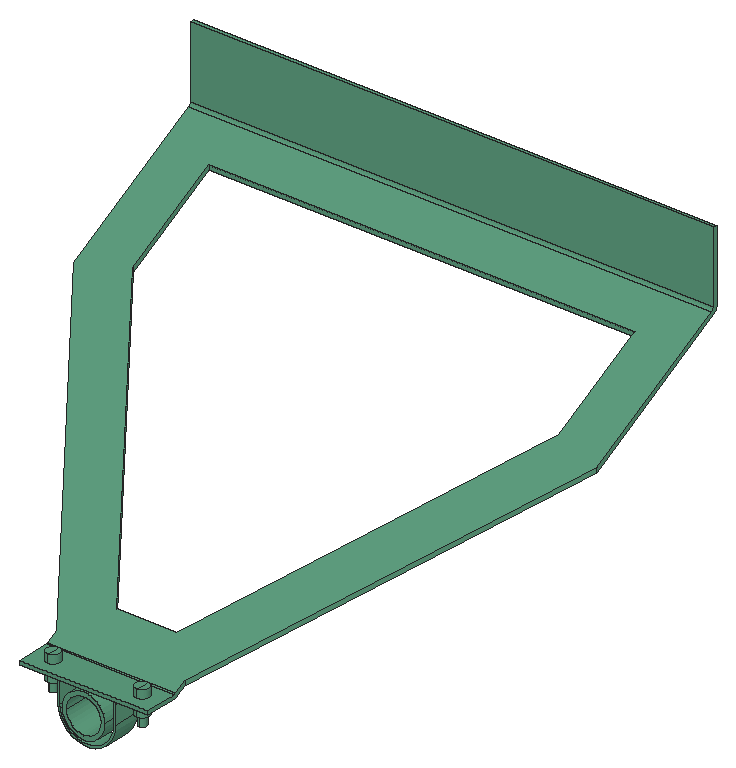
Revit family "PRD_FrankeWS_StnlssStlBrckts_WallArmHolder_ZFAID700", category Specialty Equipment, Revit 2018
Family settings
  Round Connector Dimension = Use Diameter
  Part Type = Normal
  OmniClass Number = 23.45.05.14.99
  OmniClass Title = Other Sanitary Washing Plumbing Fixtures
  Work Plane-Based = Yes
  Always vertical = Yes
  Cut with Voids When Loaded = No
  Shared = No
  Room Calculation Point = No
Parameters (values of type "ZFAID700")
  WarrantyStartDate [instance] = "1900-12-31T23:59:59"
  WarrantyGuarantorParts = "n/a"
  WarrantyGuarantorLabor = "n/a"
  WarrantyDurationUnit = "year"
  WarrantyDurationParts = "n/a"
  WarrantyDurationLabor = "n/a"
  WarrantyDescription = "n/a"
  Version = "1"
  Uniclass2015Version = "Products v1.17"
  Uniclass2015Title = "Stainless steel brackets"
  Uniclass2015Code = "Pr_20_85_09_81"
  URL = "www.kwc.com"
  TailorMade = "No"
  TagNumber [instance] = "n/a"
  SustainabilityPerformance = "n/a"
  Status = "New"
  Size = "270 x 170 x 240 mm (W x H x D)"
  Shape = "n/a"
  SerialNumber [instance] = "n/a"
  Revision = "n/a"
  ReplacementCost = "n/a"
  Reference = "n/a"
  QuantityUom = "n/a"
  Quantity = "n/a"
  ProductInformation = "https://pim.kwc.com/product/2030060157/attachment/datasheet?locale=en"
  ProductCode = "216.0630.340"
  NominalWidth = 270 mm
  NominalLength = 0 mm
  NominalHeight = 170 mm
  NominalDepth = 240 mm
  NetWeight = 0.00 kg
  Name = "Wall arm holder ZFAID700"
  NBSTypeID = "n/a"
  NBSReference = "45-70-05/405"
  NBSOfficeMasterTag = "n/a"
  NBSNote = "n/a"
  NBSDescription = "Stainless steel brackets"
  NBSCertification = "n/a"
  ModelReference = "ZFAID700"
  ModelNumber = "2030060157"
  Model = ModelReference  # "ZFAID700"
  Material = "Steel"
  ManufacturerURL = "www.kwc.com"
  ManufacturerName = "KWC Group AG"  # constant formula
  Manufacturer = ManufacturerName  # "KWC Group AG"
  IntegralAccessories = "n/a"
  InstallationDate [instance] = "1900-12-31T23:59:59"
  IfcExportType = "USERDEFINED"
  IfcExportAs = "IfcSanitaryTerminalType"
  GrossWeight = 0.52 kg
  Grade = "n/a"
  Finish = "Powder-coated"
  Features = "powder-coated steel sheet, green (RAL 6032)"
  ExpectedLife = "n/a"
  DurationUnit = "year"
  Description = "Wall arm holder for DN 20 emergency shower wall arm for installation in lightweight walls or as protection from vandals, powder-coated steel sheet, green (RAL 6032)."
  Default Elevation = 1219.2 mm
  CreatedOn = "08/2021"  # constant formula
  Constituents = "n/a"
  Color = "green"
  CodePerformance = "n/a"
  Category = "Pr_20_85_09_81, Stainless steel brackets"
  BodyMaterial = PRD_AR_Steel_PowderCoated_Green
  BarCode [instance] = "n/a"
  BIMObjectName = "PRD_AR_StainlessSteelBrackets_WallArmHolder_ZFAID700"
  Author = "Archispace"  # constant formula
  AssetType = "Fixed"
  AssetIdentifier [instance] = "n/a"
  AccessibilityPerformance = "n/a"
Reference planes
  plane 1 "Center (Front/Back)": y = 0
  plane 2: z = 0
  plane 3 "Center (Left/Right)": x = 0
  plane 4: x = -23
  plane 5: x = 23
Forms (mm)
  Extrusion 1, solid, material "PRD_AR_Steel_PowderCoated_Green" <- "BodyMaterial", detail levels fine
    sketch origin (0, 0, 0) x (0, 1, 0) y (0, 0, 1)
      loop
        line (0, 184.14) -> (-2, 184.14) -> (-2, 147.14)
        arc (-2, 147.14) -> (-2.286, 146.109) -> (-3.061, 145.374) r 2
        line (-3.061, 145.374) -> (-221.488, 29.234)
        arc (-221.488, 29.234) -> (-221.943, 29.059) -> (-222.427, 29) r 2
        line (-222.427, 29) -> (-239.519, 29) -> (-239.519, 27) -> (-222.427, 27)
        arc (-222.427, 27) -> (-221.459, 27.119) -> (-220.549, 27.468) r 4
        line (-220.549, 27.468) -> (-2.122, 143.608)
        arc (-2.122, 143.608) -> (-0.571, 145.079) -> (0, 147.14) r 4
        line (0, 147.14) -> (0, 184.14)
    from -135 to 135
  Extrusion 2, void
    sketch origin (0, 0, 0) x (1, 0, 0) y (0, 1, 0)
      loop
        line (-135, -77.126) -> (-135, -239.519) -> (-33, -239.519) -> (-33, -215.749) -> (-135, -77.126)
      loop
        line (135, -77.126) -> (33, -215.749) -> (33, -239.519) -> (135, -239.519) -> (135, -77.126)
      loop
        line (-110, -21.5) -> (-110, -70.585) -> (-15.531, -198.973) -> (15.531, -198.973) -> (110, -70.585) -> (110, -21.5) -> (-110, -21.5)
    from 27 to 147.14
  Revolve 3, solid, material "PRD_AR_Steel_PowderCoated_Green" <- "BodyMaterial", detail levels fine
    sketch origin (-23, 0, 0) x (0, 1, 0) y (0, 0, 1)
      loop
        line (-230.519, 15) -> (-228.519, 15) -> (-228.519, 20.2) -> (-227.019, 20.2) -> (-227.019, 25.2) -> (-226.019, 25.2) -> (-226.019, 26) -> (-227.019, 26) -> (-227.019, 33) -> (-230.519, 33) -> (-230.519, 15)
      axis (-230.519, 15) -> (-230.519, 33)
    angle from 0 to 360
  Revolve 4, solid, material "PRD_AR_Steel_PowderCoated_Green" <- "BodyMaterial", detail levels fine
    sketch origin (23, 0, 0) x (0, 1, 0) y (0, 0, 1)
      loop
        line (-230.519, 15) -> (-228.519, 15) -> (-228.519, 20.2) -> (-227.019, 20.2) -> (-227.019, 25.2) -> (-226.019, 25.2) -> (-226.019, 26) -> (-227.019, 26) -> (-227.019, 33) -> (-230.519, 33) -> (-230.519, 15)
      axis (-230.519, 15) -> (-230.519, 33)
    angle from 0 to 360
  Extrusion 5, solid, material "PRD_AR_Steel_PowderCoated_Green" <- "BodyMaterial", detail levels fine
    sketch origin (0, 0, 0) x (1, 0, 0) y (0, 0, 1)
      loop
        line (-30, 27) -> (-30, 26) -> (-16, 26)
        arc (-16, 26) -> (-15.293, 25.707) -> (-15, 25) r 1
        line (-15, 25) -> (-15, 15)
        arc (-15, 15) -> (0, 0) -> (15, 15) r 15
        line (15, 15) -> (15, 25)
        arc (15, 25) -> (15.293, 25.707) -> (16, 26) r 1
        line (16, 26) -> (30, 26) -> (30, 27) -> (16, 27)
        arc (16, 27) -> (14.586, 26.414) -> (14, 25) r 2
        line (14, 25) -> (14, 15)
        arc (14, 15) -> (0, 1) -> (-14, 15) r 14
        line (-14, 15) -> (-14, 25)
        arc (-14, 25) -> (-14.586, 26.414) -> (-16, 27) r 2
        line (-16, 27) -> (-30, 27)
    from 223.519 to 237.519
  Extrusion 6, solid, material "PRD_AR_Steel_PowderCoated_Green" <- "BodyMaterial", detail levels fine
    sketch origin (0, 0, 0) x (1, 0, 0) y (0, 0, 1)
      loop
        circle (0, 14.995) r 11
      loop
        circle (0, 14.995) r 9
    from 221.488 to 239.519
  Extrusion 7, solid, material "PRD_AR_Steel_PowderCoated_Green" <- "BodyMaterial", detail levels medium
    sketch origin (0, 0, 0) x (0, 1, 0) y (0, 0, 1)
      loop
        line (0, 184.14) -> (-2, 184.14) -> (-2, 147.14)
        arc (-2, 147.14) -> (-2.286, 146.109) -> (-3.061, 145.374) r 2
        line (-3.061, 145.374) -> (-221.488, 29.234)
        arc (-221.488, 29.234) -> (-221.943, 29.059) -> (-222.427, 29) r 2
        line (-222.427, 29) -> (-239.519, 29) -> (-239.519, 27) -> (-222.427, 27)
        arc (-222.427, 27) -> (-221.459, 27.119) -> (-220.549, 27.468) r 4
        line (-220.549, 27.468) -> (-2.122, 143.608)
        arc (-2.122, 143.608) -> (-0.571, 145.079) -> (0, 147.14) r 4
        line (0, 147.14) -> (0, 184.14)
    from -135 to 135
  Extrusion 8, solid, material "PRD_AR_Steel_PowderCoated_Green" <- "BodyMaterial", detail levels medium
    sketch origin (0, 0, 0) x (1, 0, 0) y (0, 0, 1)
      loop
        line (-30, 27) -> (-30, 0) -> (30, 0) -> (30, 27) -> (-30, 27)
    from 221.488 to 239.519
  Extrusion 9, solid, material "PRD_AR_Steel_PowderCoated_Green" <- "BodyMaterial", detail levels coarse
    sketch origin (0, 0, 0) x (0, 1, 0) y (0, 0, 1)
      loop
        line (0, 184.14) -> (-239.519, 184.14) -> (-239.519, 0) -> (0, 0) -> (0, 184.14)
    from -135 to 135
Cuts and joins
  Extrusion 2 cuts Extrusion 1
  joined: Extrusion 1, Revolve 3, Revolve 4
Dimensions and locks
  aligned and locked: level to plane 2
